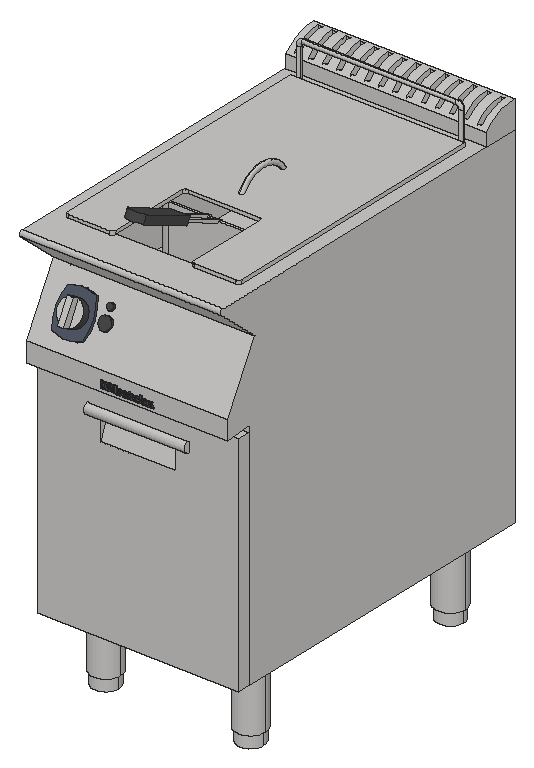
Revit family "QF_ELECTROLUXPROFESSIONAL_371424_E7KKBTBAMCI", category Attrezzature speciali, Revit 2018
Family settings
  Quota connettore circolare = Usa diametro
  Tipo di parte = Normale
  Basato su piano di lavoro = No
  Sempre verticale = Sì
  Taglio con vuoti quando caricato = No
  Condiviso = No
  Punto di calcolo locali = No
Parameters (values of type "Standard")
  Weight = 40.00 kg
  Watts = 0 W
  Volts = 0 V
  URL Manufacturer = "https://www.electroluxprofessional.com/"
  URL = "https://www.electroluxprofessional.com/"
  Steam Supply Size = 0"
  Steam Supply Minimum Pressure = 0.00 psi
  Steam Supply Maximum Pressure = 0.00 psi
  Steam Consumption per Hour = 0
  Show Logo [instance] = yes
  Show Clearance [instance] = yes
  Refrigeration Suction Line Size = 0 mm
  Refrigeration Liquid Line Size = 0 mm
  Refrigerant Compressor Remote = yes
  Phase = 0
  Modello = "E7KKBTBAMCI"
  Produttore = "Electrolux Professional"
  Length Actual = 400 mm  # constant formula
  Item Number = "371424"
  Hot Water Size = 0"
  Height Actual = 850 mm  # constant formula
  HP = "0 HP"
  Gas Size = 1/2"
  Gas KW = 7
  Gas Input Pressure = 0.234579 Btu/h
  Direct Waste Size = 0"
  Descrizione = "7 LITRE GAS FRYER 400MM - QMARK"
  Depth Actual = 730 mm  # constant formula
  Cycle = 0 Hz
  Condensate Return Size = 0"
  Compressed Air Volume = 0 GPM
  Compressed Air Size = 0"
  Compressed Air Pressure = 0.00 psi
  Cold Water Size = 0"
  Base Height [instance] = 150 mm  # constant formula
  Accessory = yes
Values of the unnamed type that differ from the named types
  Weight = 0.00 kg
  URL Manufacturer = ""
  Item Number = ""
  HP = ""
  Gas KW = 0
  Gas Input Pressure = 0.0 Btu/h
Reference planes
  plane 1 "BACK": y = 0
  plane 2: z = 0
  plane 3 "LEFT": x = 0
  plane 4 "RIGHT": x = 400
  plane 5 "FRONT": y = -730
  plane 6 "TOP": z = 905.238
  plane 7 "Center Y": x = 200
  plane 8 "Center X": y = -365
  plane 9 "BASE": z = 601
  plane 10 "TOP A": z = 850.238
  plane 11: y = -587.387
  plane 12: y = -90
  plane 13: z = 150
Forms (mm)
  Extrusion 1, solid, material "QF_Finishes_Stainless Steel"
    sketch origin (0, 0, 0) x (0, 1, 0) y (0, 0, 1)
      loop
        line (0, 850.237) -> (-725.027, 850.237)
        arc (-725.027, 850.237) -> (-730.893, 846.318) -> (-729.517, 839.397) r 6.35
        line (-729.517, 839.397) -> (-646.919, 767.047) -> (-713.522, 646.19) -> (-713.522, 608.09) -> (-660.15, 613.7) -> (-660.15, 150) -> (0, 150) -> (0, 850.237)
      loop
        line (-687.137, 601) -> (-687.137, 150) -> (-661.737, 150) -> (-661.737, 601) -> (-687.137, 601)
    from 0 to 400
  Extrusion 2, solid, material "QF_Finishes_Stainless Steel"
    sketch origin (0, 0, 0) x (0, 1, 0) y (0, 0, 1)
      loop
        line (0, 850.238) -> (0, 905.237)
        arc (0, 905.237) -> (-38.078, 897.879) -> (-69.85, 875.637) r 93.057
        line (-69.85, 875.637) -> (-69.85, 850.238) -> (0, 850.238)
    from 0 to 400
  Extrusion 3, void
    sketch origin (0, 0, 850.238) x (-1, 0, 0) y (0, -1, 0)
      loop
        line (-33.338, 90.124) -> (-33.338, 645.265) -> (-366.662, 645.265) -> (-366.662, 90.124) -> (-33.338, 90.124)
    from 0 to -152.4
  Extrusion 4, solid, material "QF_Finishes_Stainless Steel"
    sketch origin (0, 0, 850.238) x (-1, 0, 0) y (0, -1, 0)
      loop
        arc (-26.988, 645.265) -> (-28.847, 649.755) -> (-33.338, 651.615) r 6.35
        line (-33.338, 651.615) -> (-115.863, 651.615)
        arc (-115.863, 651.615) -> (-120.353, 649.755) -> (-122.213, 645.265) r 6.35
        line (-122.213, 645.265) -> (-122.213, 481.012)
        arc (-122.213, 481.012) -> (-124.072, 476.521) -> (-128.563, 474.662) r 6.35
        line (-128.563, 474.662) -> (-271.437, 474.662)
        arc (-271.437, 474.662) -> (-275.928, 476.521) -> (-277.787, 481.012) r 6.35
        line (-277.787, 481.012) -> (-277.787, 645.29)
        arc (-277.787, 645.29) -> (-279.64, 649.762) -> (-284.112, 651.615) r 6.325
        line (-284.112, 651.615) -> (-366.662, 651.615)
        arc (-366.662, 651.615) -> (-371.153, 649.755) -> (-373.013, 645.265) r 6.35
        line (-373.013, 645.265) -> (-373.013, 90.124) -> (-26.988, 90.124) -> (-26.988, 645.265)
    from 0 to 6.35
  Sweep 5, solid, material "QF_Finishes_Stainless Steel"
    path origin (200, 0, 0) x (0, 1, 0) y (0, 0, 1)
      loop
        arc (-323.261, 850.238) -> (-377.7, 884.016) -> (-432.139, 850.238) r 60.757
    profile origin (200, -377.7, 884.016) x (0, 0, -1) y (1, 0, 0)
      loop
        circle (0, 0) r 4.353
  Sweep 6, solid, material "QF_Finishes_Stainless Steel"
    path origin (0, 0, 0) x (1, 0, 0) y (0, 0, 1)
      loop
        line (39.688, 846.5) -> (39.688, 911.588)
        arc (39.688, 911.588) -> (41.547, 916.078) -> (46.038, 917.938) r 6.35
        line (46.038, 917.938) -> (352.225, 917.938)
        arc (352.225, 917.938) -> (356.715, 916.078) -> (358.575, 911.588) r 6.35
        line (358.575, 911.588) -> (358.575, 846.5)
    profile origin (39.688, 0, 879.044) x (-1, 0, 0) y (0, -1, 0)
      loop
        circle (2.09, 83.254) r 3.827
  Extrusion 7, void
    sketch origin (0, 0, 850.238) x (-1, 0, 0) y (0, -1, 0)
      loop
        line (-13.453, 6.761) -> (-13.453, 63.911) -> (-22.749, 63.911) -> (-22.749, 6.761) -> (-13.453, 6.761)
    from 25.4 to 63.5
  Extrusion 8, void
    sketch origin (400.05, 0, 850.237) x (1, 0, 0) y (0, 1, 0)
      loop
        line (-13.503, -6.761) -> (-22.799, -6.761) -> (-22.799, -63.911) -> (-13.503, -63.911) -> (-13.503, -6.761)
    from 25.4 to 63.5
  Extrusion 9, void
    sketch origin (27.988, 0, 850.238) x (-1, 0, 0) y (0, -1, 0)
      loop
        line (-13.453, 6.761) -> (-13.453, 63.911) -> (-22.749, 63.911) -> (-22.749, 6.761) -> (-13.453, 6.761)
    from 25.4 to 63.5
  Extrusion 10, void
    sketch origin (55.977, 0, 850.238) x (-1, 0, 0) y (0, -1, 0)
      loop
        line (-13.453, 6.761) -> (-13.453, 63.911) -> (-22.749, 63.911) -> (-22.749, 6.761) -> (-13.453, 6.761)
    from 25.4 to 63.5
  Extrusion 11, void
    sketch origin (83.965, 0, 850.238) x (-1, 0, 0) y (0, -1, 0)
      loop
        line (-13.428, 6.761) -> (-13.428, 63.911) -> (-22.724, 63.911) -> (-22.724, 6.761) -> (-13.428, 6.761)
    from 25.4 to 63.5
  Extrusion 12, void
    sketch origin (111.953, 0, 850.237) x (-1, 0, 0) y (0, -1, 0)
      loop
        line (-13.428, 6.761) -> (-13.428, 63.911) -> (-22.724, 63.911) -> (-22.724, 6.761) -> (-13.428, 6.761)
    from 25.4 to 63.5
  Extrusion 13, void
    sketch origin (139.942, 0, 850.237) x (-1, 0, 0) y (0, -1, 0)
      loop
        line (-13.428, 6.761) -> (-13.428, 63.911) -> (-22.724, 63.911) -> (-22.724, 6.761) -> (-13.428, 6.761)
    from 25.4 to 63.5
  Extrusion 14, void
    sketch origin (167.93, 0, 850.237) x (-1, 0, 0) y (0, -1, 0)
      loop
        line (-13.428, 6.761) -> (-13.428, 63.911) -> (-22.724, 63.911) -> (-22.724, 6.761) -> (-13.428, 6.761)
    from 25.4 to 63.5
  Extrusion 15, void
    sketch origin (195.918, 0, 850.237) x (-1, 0, 0) y (0, -1, 0)
      loop
        line (-13.428, 6.761) -> (-13.428, 63.911) -> (-22.724, 63.911) -> (-22.724, 6.761) -> (-13.428, 6.761)
    from 25.4 to 63.5
  Extrusion 16, void
    sketch origin (223.907, 0, 850.237) x (-1, 0, 0) y (0, -1, 0)
      loop
        line (-13.428, 6.761) -> (-13.428, 63.911) -> (-22.724, 63.911) -> (-22.724, 6.761) -> (-13.428, 6.761)
    from 25.4 to 63.5
  Extrusion 17, void
    sketch origin (251.895, 0, 850.237) x (-1, 0, 0) y (0, -1, 0)
      loop
        line (-13.428, 6.761) -> (-13.428, 63.911) -> (-22.724, 63.911) -> (-22.724, 6.761) -> (-13.428, 6.761)
    from 25.4 to 63.5
  Extrusion 18, void
    sketch origin (279.884, 0, 850.237) x (-1, 0, 0) y (0, -1, 0)
      loop
        line (-13.403, 6.761) -> (-13.403, 63.911) -> (-22.699, 63.911) -> (-22.699, 6.761) -> (-13.403, 6.761)
    from 25.4 to 63.5
  Extrusion 19, void
    sketch origin (307.872, 0, 850.237) x (-1, 0, 0) y (0, -1, 0)
      loop
        line (-13.403, 6.761) -> (-13.403, 63.911) -> (-22.699, 63.911) -> (-22.699, 6.761) -> (-13.403, 6.761)
    from 25.4 to 63.5
  Extrusion 20, void
    sketch origin (335.86, 0, 850.237) x (-1, 0, 0) y (0, -1, 0)
      loop
        line (-13.403, 6.761) -> (-13.403, 63.911) -> (-22.699, 63.911) -> (-22.699, 6.761) -> (-13.403, 6.761)
    from 25.4 to 63.5
  Extrusion 21, solid, material "QF_Finishes_Navy Blue"
    sketch origin (-90.325, -713.522, 646.19) x (0, 0.482654, 0.875811) y (-1, 0, 0)
      loop
        arc (105.826, -132.614) -> (68.798, -123.683) -> (31.333, -130.552) r 91.794
        arc (31.333, -130.552) -> (24.218, -161.14) -> (31.333, -191.729) r 69.309
        arc (31.333, -191.729) -> (68.788, -198.45) -> (105.826, -189.715) r 93.659
        arc (105.826, -189.715) -> (112.066, -161.165) -> (105.826, -132.614) r 68.434
    from 0 to 3.175
  Extrusion 22, solid, material "QF_Finishes_Stainless Steel"
    sketch origin (-90.325, -716.303, 647.723) x (0, 0.482654, 0.875811) y (-1, 0, 0)
      loop
        circle (68.826, -160.963) r 25.4
    from 0 to 12.7
  Extrusion 23, solid, material "QF_Finishes_Stainless Steel"
    sketch origin (-90.325, -727.425, 653.853) x (0, 0.482654, 0.875811) y (-1, 0, 0)
      loop
        arc (93.558, -166.749) -> (94.226, -160.963) -> (93.558, -155.177) r 25.4
        line (93.558, -155.177) -> (44.094, -155.177)
        arc (44.094, -155.177) -> (43.426, -160.963) -> (44.094, -166.749) r 25.4
        line (44.094, -166.749) -> (93.558, -166.749)
    from 0 to 12.7
  Extrusion 24, solid, material "QF_Finishes_Black"
    sketch origin (-30.673, -713.522, 646.19) x (0, 0.482654, 0.875811) y (-1, 0, 0)
      loop
        circle (98.315, -160.648) r 6.35
    from 0 to 3.175
  Extrusion 25, solid, material "QF_Finishes_Black"
    sketch origin (-30.673, -720.158, 634.148) x (0, 0.482654, 0.875811) y (-1, 0, 0)
      loop
        circle (84.522, -160.648) r 12.7
    from 0 to 3.175
  Extrusion 26, solid, material "QF_Finishes_Clearance", visible <- "Show Clearance", detail levels coarse
    sketch origin (0, 0, 0) x (1, 0, 0) y (0, 1, 0)
      loop
        line (0, -731.377) -> (0, 0) -> (400, 0) -> (400, -731.377) -> (550.019, -731.377) -> (550.019, 150.019) -> (-150.019, 150.019) -> (-150.019, -731.377) -> (0, -731.377)
    from 0 to 905.237
  Extrusion 27, solid, material "QF_Finishes_Black"
    sketch origin (265.962, -698.333, 942.26) x (0, 0.906308, -0.422618) y (-1, 0, 0)
      loop
        line (10.103, 47.345) -> (128.716, 47.345) -> (128.716, 84.58) -> (10.103, 84.58)
        arc (10.103, 84.58) -> (-0.124, 65.962) -> (10.103, 47.345) r 22.059
    from -15.884 to 0
  Extrusion 28, solid, material "QF_Finishes_Stainless Steel"
    sketch origin (265.962, 41.275, 0) x (0, 1, 0) y (0, 0, 1)
      loop
        line (-537.413, 741.238) -> (-537.413, 842.715) -> (-624.966, 883.542) -> (-627.65, 877.787) -> (-543.763, 838.67) -> (-543.763, 741.238) -> (-537.413, 741.238)
    from -80.476 to -74.619
  Extrusion 29, solid, material "QF_Finishes_Stainless Steel"
    sketch origin (134.088, 41.275, 0) x (0, 1, 0) y (0, 0, -1)
      loop
        line (-543.763, -838.67) -> (-627.65, -877.787) -> (-624.966, -883.542) -> (-537.413, -842.715) -> (-537.413, -741.238) -> (-543.763, -741.238) -> (-543.763, -838.67)
    from -80.476 to -74.619
  Extrusion 30, solid, material "QF_Finishes_Mesh"
    sketch origin (0, 0, 850.238) x (-1, 0, 0) y (0, -1, 0)
      loop
        arc (-116.6, 131.498) -> (-98.64, 138.937) -> (-91.2, 156.898) r 25.4
        line (-91.2, 156.898) -> (-91.2, 481.11)
        arc (-91.2, 481.11) -> (-98.64, 499.071) -> (-116.6, 506.51) r 25.4
        line (-116.6, 506.51) -> (-294.375, 506.51)
        arc (-294.375, 506.51) -> (-312.336, 499.071) -> (-319.775, 481.11) r 25.4
        line (-319.775, 481.11) -> (-319.775, 156.898)
        arc (-319.775, 156.898) -> (-312.336, 138.937) -> (-294.375, 131.498) r 25.4
        line (-294.375, 131.498) -> (-116.6, 131.498)
      loop
        arc (-116.6, 134.673) -> (-100.885, 141.182) -> (-94.375, 156.898) r 22.225
        line (-94.375, 156.898) -> (-94.375, 481.11)
        arc (-94.375, 481.11) -> (-100.885, 496.826) -> (-116.6, 503.335) r 22.225
        line (-116.6, 503.335) -> (-294.375, 503.335)
        arc (-294.375, 503.335) -> (-310.091, 496.826) -> (-316.6, 481.11) r 22.225
        line (-316.6, 481.11) -> (-316.6, 156.898)
        arc (-316.6, 156.898) -> (-310.091, 141.182) -> (-294.375, 134.673) r 22.225
        line (-294.375, 134.673) -> (-116.6, 134.673)
    from -109 to -5.315
  Revolve 31, solid, material "QF_Finishes_Stainless Steel"
    sketch origin (0, -587.387, 608.09) x (0, 0, 1) y (-1, 0, 0)
      loop
        line (-608.09, -56) -> (-458.09, -56) -> (-458.09, -26) -> (-583.09, -26) -> (-583.09, -29.75) -> (-608.09, -29.75) -> (-608.09, -56)
      axis (-608.09, -56) -> (-458.09, -56)
    angle from 0 to 360
  Revolve 32, solid, material "QF_Finishes_Stainless Steel"
    sketch origin (400.05, -587.387, 608.09) x (0, 0, 1) y (-1, 0, 0)
      loop
        line (-608.09, 56.05) -> (-608.09, 29.8) -> (-583.09, 29.8) -> (-583.09, 26.05) -> (-458.09, 26.05) -> (-458.09, 56.05) -> (-608.09, 56.05)
      axis (-608.09, 56.05) -> (-458.09, 56.05)
    angle from 0 to 360
  Revolve 33, solid, material "QF_Finishes_Stainless Steel"
    sketch origin (0, -90, 608.09) x (0, 0, 1) y (-1, 0, 0)
      loop
        line (-608.09, -56) -> (-458.09, -56) -> (-458.09, -26) -> (-583.09, -26) -> (-583.09, -29.75) -> (-608.09, -29.75) -> (-608.09, -56)
      axis (-608.09, -56) -> (-458.09, -56)
    angle from 0 to 360
  Revolve 34, solid, material "QF_Finishes_Stainless Steel"
    sketch origin (400.05, -90, 608.09) x (0, 0, 1) y (-1, 0, 0)
      loop
        line (-608.09, 56.05) -> (-608.09, 29.8) -> (-583.09, 29.8) -> (-583.09, 26.05) -> (-458.09, 26.05) -> (-458.09, 56.05) -> (-608.09, 56.05)
      axis (-608.09, 56.05) -> (-458.09, 56.05)
    angle from 0 to 360
  Extrusion 35, void
    sketch origin (200, 0, 0) x (0, 1, 0) y (0, 0, 1)
      loop
        line (-687.137, 541) -> (-687.137, 499.788) -> (-672.137, 541) -> (-687.137, 541)
    from -75 to 75
  Extrusion 36, solid, material "QF_Finishes_Stainless Steel"
    sketch origin (200, 0, 0) x (0, 1, 0) y (0, 0, 1)
      loop
        line (-687.137, 541) -> (-687.137, 561)
        arc (-687.137, 561) -> (-697.137, 551) -> (-687.137, 541) r 10
    from -100 to 100
  Extrusion 37, solid, material "QF_Finishes_Door Clearance", visible <- "Show Clearance", detail levels coarse
    sketch origin (0, 0, 850.238) x (-1, 0, 0) y (0, -1, 0)
      loop
        arc (0, 687.137) -> (-117.157, 969.98) -> (-400, 1087.137) r 400
        line (-400, 1087.137) -> (-400, 687.137) -> (0, 687.137)
    from -700.237 to -249.237
  Extrusion 38, solid, material "QF_Finishes_Stainless Steel"
    sketch origin (-77.88, -4572, 150) x (-1, 0, 0) y (0, -1, 0)
      loop
        circle (-425.88, -4067) r 6.35
    from 0 to -12.7
  Extrusion 39, solid, material "QF_Finishes_Navy Blue", visible <- "Show Logo"
    sketch origin (-140, -713.772, 608.09) x (0, 0, 1) y (-1, 0, 0)
      loop
        line (20.674, -296.698) -> (8.307, -296.698)
        arc (8.307, -296.698) -> (14.491, -301.27) -> (20.674, -296.698) r 6.467
      loop
        arc (20.674, -296.069) -> (19.505, -290.926) -> (14.849, -288.448) r 6.338
        line (14.849, -288.448) -> (14.849, -290.494)
        arc (14.849, -290.494) -> (16.333, -294.149) -> (19.778, -296.069) r 5.941
        line (19.778, -296.069) -> (20.674, -296.069)
      loop
        arc (9.203, -296.069) -> (12.648, -294.149) -> (14.132, -290.494) r 5.941
        line (14.132, -290.494) -> (14.132, -288.448)
        arc (14.132, -288.448) -> (9.438, -290.922) -> (8.148, -296.069) r 6.504
        line (8.148, -296.069) -> (9.203, -296.069)
      loop
        line (21.349, -287.979) -> (7.604, -287.979) -> (7.604, -301.742) -> (21.349, -301.742) -> (21.349, -287.979)
      loop
        arc (21.432, -304.71) -> (21.085, -304.352) -> (20.718, -304.69) r 0.358
        arc (20.718, -304.69) -> (20.404, -305.44) -> (19.687, -305.825) r 1.216
        line (19.687, -305.825) -> (9.274, -305.825)
        arc (9.274, -305.825) -> (8.614, -305.548) -> (8.218, -304.951) r 1.238
        arc (8.218, -304.951) -> (7.823, -304.7) -> (7.518, -305.054) r 0.358
        line (7.518, -305.054) -> (7.518, -314.933) -> (10.269, -314.933) -> (10.269, -314.036)
        arc (10.269, -314.036) -> (9.36, -313.456) -> (8.904, -312.479) r 1.928
        line (8.904, -312.479) -> (8.904, -309.98)
        arc (8.904, -309.98) -> (9.18, -309.251) -> (9.868, -308.887) r 1.101
        line (9.868, -308.887) -> (13.955, -308.887) -> (13.955, -312.561)
        arc (13.955, -312.561) -> (13.602, -313.058) -> (13.037, -313.286) r 1.083
        arc (13.037, -313.286) -> (12.773, -313.591) -> (13.065, -313.869) r 0.292
        line (13.065, -313.869) -> (16.028, -313.869)
        arc (16.028, -313.869) -> (16.33, -313.596) -> (16.092, -313.266) r 0.305
        arc (16.092, -313.266) -> (15.601, -313.018) -> (15.296, -312.561) r 1.083
        line (15.296, -312.561) -> (15.296, -308.887) -> (19.973, -308.887) -> (19.973, -312.635)
        arc (19.973, -312.635) -> (19.759, -313.39) -> (19.153, -313.888) r 1.314
        arc (19.153, -313.888) -> (18.934, -314.292) -> (19.288, -314.585) r 0.361
        line (19.288, -314.585) -> (21.432, -314.585) -> (21.432, -304.71)
      loop
        arc (20.715, -315.365) -> (20.335, -316.284) -> (19.416, -316.664) r 1.299
        line (19.416, -316.664) -> (9.837, -316.664)
        arc (9.837, -316.664) -> (8.999, -316.286) -> (8.728, -315.408) r 1.118
        line (8.728, -315.408) -> (7.518, -315.408) -> (7.518, -320.758) -> (8.706, -320.758)
        arc (8.706, -320.758) -> (8.978, -319.841) -> (9.848, -319.445) r 1.153
        line (9.848, -319.445) -> (21.92, -319.445) -> (20.715, -315.365)
      loop
        line (12.483, -323.394) -> (12.483, -329.842) -> (13.282, -329.842)
        arc (13.282, -329.842) -> (15.862, -328.857) -> (17.131, -326.404) r 3.874
        line (17.131, -326.404) -> (17.131, -324.643)
        arc (17.131, -324.643) -> (15.944, -321.778) -> (13.08, -320.592) r 4.051
        line (13.08, -320.592) -> (11.072, -320.592)
        arc (11.072, -320.592) -> (8.253, -322.077) -> (7.202, -325.084) r 4.352
        arc (7.202, -325.084) -> (7.566, -327.547) -> (8.943, -329.621) r 5.713
        line (8.943, -329.621) -> (9.892, -329.621)
        arc (9.892, -329.621) -> (9.16, -328.052) -> (8.943, -326.334) r 5.579
        arc (8.943, -326.334) -> (9.737, -324.371) -> (11.616, -323.394) r 3.057
        line (11.616, -323.394) -> (12.483, -323.394)
      loop
        line (13.742, -323.394) -> (13.742, -326.977)
        arc (13.742, -326.977) -> (15.199, -327.024) -> (16.082, -325.864) r 1.59
        line (16.082, -325.864) -> (16.082, -325.034)
        arc (16.082, -325.034) -> (15.217, -323.779) -> (13.742, -323.394) r 2.184
      loop
        arc (16.533, -339.259) -> (17.022, -337.585) -> (17.179, -335.848) r 9.023
        line (17.179, -335.848) -> (17.179, -334.486)
        arc (17.179, -334.486) -> (16.02, -331.686) -> (13.22, -330.527) r 3.959
        line (13.22, -330.527) -> (10.62, -330.527)
        arc (10.62, -330.527) -> (8.338, -331.819) -> (7.221, -334.192) r 4.331
        line (7.221, -334.192) -> (7.221, -336.327)
        arc (7.221, -336.327) -> (7.729, -337.877) -> (8.651, -339.223) r 5.772
        arc (8.651, -339.223) -> (9.412, -339.274) -> (9.499, -338.515) r 0.553
        arc (9.499, -338.515) -> (9.111, -337.781) -> (8.977, -336.962) r 2.573
        line (8.977, -336.962) -> (8.977, -335.447)
        arc (8.977, -335.447) -> (9.983, -333.806) -> (11.798, -333.163) r 2.884
        line (11.798, -333.163) -> (13.077, -333.163)
        arc (13.077, -333.163) -> (14.898, -333.723) -> (15.824, -335.388) r 2.554
        line (15.824, -335.388) -> (15.824, -336.441)
        arc (15.824, -336.441) -> (15.493, -337.369) -> (14.836, -338.104) r 2.564
        arc (14.836, -338.104) -> (14.614, -338.821) -> (15.223, -339.259) r 0.643
        line (15.223, -339.259) -> (16.533, -339.259)
      loop
        line (15.515, -339.53) -> (15.515, -341.031) -> (9.467, -341.031)
        arc (9.467, -341.031) -> (7.879, -341.688) -> (7.221, -343.276) r 2.246
        line (7.221, -343.276) -> (7.221, -344.86)
        arc (7.221, -344.86) -> (7.535, -345.725) -> (8.035, -346.496) r 4.06
        arc (8.035, -346.496) -> (8.768, -346.629) -> (9.019, -345.928) r 0.576
        arc (9.019, -345.928) -> (8.913, -345.403) -> (8.977, -344.87) r 1.69
        arc (8.977, -344.87) -> (9.519, -344.082) -> (10.425, -343.779) r 1.506
        line (10.425, -343.779) -> (15.563, -343.779) -> (15.563, -346.176) -> (16.119, -346.733) -> (16.941, -346.733) -> (16.941, -343.873) -> (20.172, -343.873) -> (15.515, -339.53)
      loop
        line (7.438, -347.63) -> (7.438, -353.017) -> (8.548, -353.017)
        arc (8.548, -353.017) -> (8.942, -352.066) -> (9.893, -351.672) r 1.345
        line (9.893, -351.672) -> (13.509, -351.672)
        arc (13.509, -351.672) -> (14.274, -352.264) -> (14.564, -353.186) r 1.615
        line (14.564, -353.186) -> (14.564, -354.742) -> (17.119, -355.427) -> (17.119, -354.044) -> (15.177, -351.485) -> (17.057, -351.485) -> (16.773, -348.779)
        arc (16.773, -348.779) -> (16.333, -348.249) -> (15.674, -348.45) r 0.621
        arc (15.674, -348.45) -> (15.274, -348.792) -> (14.78, -348.975) r 1.501
        line (14.78, -348.975) -> (9.893, -348.975)
        arc (9.893, -348.975) -> (8.942, -348.581) -> (8.548, -347.63) r 1.345
        line (8.548, -347.63) -> (7.438, -347.63)
      loop
        line (13.54, -354.964) -> (10.848, -354.964)
        arc (10.848, -354.964) -> (8.403, -356.272) -> (7.269, -358.803) r 4.288
        arc (7.269, -358.803) -> (7.205, -360.183) -> (7.269, -361.563) r 15.022
        arc (7.269, -361.563) -> (8.403, -364.094) -> (10.848, -365.401) r 4.288
        line (10.848, -365.401) -> (13.54, -365.401)
        arc (13.54, -365.401) -> (15.986, -364.094) -> (17.119, -361.563) r 4.288
        arc (17.119, -361.563) -> (17.183, -360.183) -> (17.119, -358.803) r 15.022
        arc (17.119, -358.803) -> (15.986, -356.272) -> (13.54, -354.964) r 4.288
      loop
        line (13.745, -358.078) -> (10.643, -358.078)
        arc (10.643, -358.078) -> (8.486, -360.235) -> (10.643, -362.392) r 2.157
        line (10.643, -362.392) -> (13.745, -362.392)
        arc (13.745, -362.392) -> (15.902, -360.235) -> (13.745, -358.078) r 2.157
      loop
        arc (20.726, -365.26) -> (20.355, -366.154) -> (19.461, -366.524) r 1.264
        line (19.461, -366.524) -> (9.597, -366.524)
        arc (9.597, -366.524) -> (8.727, -366.127) -> (8.455, -365.211) r 1.153
        line (8.455, -365.211) -> (7.518, -365.211) -> (7.518, -370.319) -> (8.446, -370.319)
        arc (8.446, -370.319) -> (8.805, -369.547) -> (9.597, -369.232) r 1.153
        line (9.597, -369.232) -> (21.92, -369.232) -> (20.726, -365.26)
      loop
        arc (15.846, -369.857) -> (15.647, -370.921) -> (14.678, -371.403) r 1.215
        line (14.678, -371.403) -> (9.658, -371.403)
        arc (9.658, -371.403) -> (8.043, -372.051) -> (7.322, -373.634) r 2.338
        line (7.322, -373.634) -> (7.322, -375.148)
        arc (7.322, -375.148) -> (7.497, -376.152) -> (7.999, -377.038) r 2.979
        line (7.999, -377.038) -> (7.518, -378.835) -> (7.518, -380.524) -> (16.943, -380.524) -> (16.649, -376.32) -> (15.863, -376.32)
        arc (15.863, -376.32) -> (15.507, -377.156) -> (14.755, -377.665) r 1.605
        line (14.755, -377.665) -> (9.652, -377.665)
        arc (9.652, -377.665) -> (9.232, -376.728) -> (9.159, -375.704) r 2.94
        arc (9.159, -375.704) -> (9.72, -374.603) -> (10.873, -374.16) r 1.724
        line (10.873, -374.16) -> (17.07, -374.16) -> (15.846, -369.857)
      loop
        line (16.874, -381.377) -> (15.202, -383.423) -> (12.028, -385.729) -> (8.572, -382.617)
        arc (8.572, -382.617) -> (8.335, -382.223) -> (8.357, -381.764) r 0.789
        line (8.357, -381.764) -> (7.518, -381.764) -> (7.518, -385.309) -> (8.344, -385.309)
        arc (8.344, -385.309) -> (8.686, -384.947) -> (9.176, -385.039) r 0.52
        line (9.176, -385.039) -> (10.976, -386.51) -> (8.858, -387.886)
        arc (8.858, -387.886) -> (8.457, -387.576) -> (8.37, -387.076) r 0.7
        line (8.37, -387.076) -> (7.518, -387.076) -> (7.518, -393.003) -> (8.405, -393.003)
        arc (8.405, -393.003) -> (8.472, -392.344) -> (8.866, -391.813) r 1.247
        line (8.866, -391.813) -> (13.066, -388.532) -> (15.513, -390.585) -> (16.874, -392.327) -> (16.874, -388.604) -> (15.389, -389.026) -> (13.868, -387.749) -> (15.568, -386.559) -> (16.874, -387.336) -> (16.874, -381.377)
    from 0 to 1.644
Cuts and joins
  Extrusion 3, Extrusion 7, Extrusion 35 cuts Extrusion 1
  joined: Extrusion 4, Sweep 5
  Extrusion 7, Extrusion 8, Extrusion 9, Extrusion 10, Extrusion 11, Extrusion 12, Extrusion 13, Extrusion 14, Extrusion 15, Extrusion 16, Extrusion 17, Extrusion 18, Extrusion 19, Extrusion 20 cuts Extrusion 2
  joined: Extrusion 22, Extrusion 23
  Extrusion 35 cuts Extrusion 26
Lines and regions (mm)
  symbolic lines, style "QF-Clearances", visible <- "Show Clearance", detail levels coarse
    curve 1: line (-150.019, 150.019, 850.238) -> (-150.019, -731.377, 850.238)
    curve 2: line (550.019, 150.019, 850.237) -> (-150.019, 150.019, 850.238)
    curve 3: line (550.019, -731.377, 850.237) -> (550.019, 150.019, 850.237)
  symbolic lines
    curve 4: line (0, 0, 850.238) -> (400, 0, 850.237)
    curve 5: line (0, -730, 850.238) -> (0, 0, 850.238)
    curve 6: line (400, 0, 850.237) -> (400, -730, 850.237)
    curve 7: line (22.724, -6.761, 850.238) -> (22.724, -63.911, 850.238)
    curve 8: line (22.724, -63.911, 850.238) -> (13.428, -63.911, 850.238)
    curve 9: line (13.428, -63.911, 850.238) -> (13.428, -6.761, 850.238)
    curve 10: line (13.428, -6.761, 850.238) -> (22.724, -6.761, 850.238)
    curve 11: line (386.547, -6.761, 850.237) -> (386.547, -63.911, 850.237)
    curve 12: line (386.547, -63.911, 850.237) -> (377.251, -63.911, 850.237)
    curve 13: line (377.251, -63.911, 850.237) -> (377.251, -6.761, 850.237)
    curve 14: line (377.251, -6.761, 850.237) -> (386.547, -6.761, 850.237)
    curve 15: line (50.712, -6.761, 850.238) -> (50.712, -63.911, 850.238)
    curve 16: line (50.712, -63.911, 850.238) -> (41.416, -63.911, 850.238)
    curve 17: line (41.416, -63.911, 850.238) -> (41.416, -6.761, 850.238)
    curve 18: line (41.416, -6.761, 850.238) -> (50.712, -6.761, 850.238)
    curve 19: line (78.7, -6.761, 850.238) -> (78.7, -63.911, 850.238)
    curve 20: line (78.7, -63.911, 850.238) -> (69.405, -63.911, 850.238)
    curve 21: line (69.405, -63.911, 850.238) -> (69.405, -6.761, 850.238)
    curve 22: line (69.405, -6.761, 850.238) -> (78.7, -6.761, 850.238)
    curve 23: line (106.689, -6.761, 850.237) -> (106.689, -63.911, 850.237)
    curve 24: line (106.689, -63.911, 850.237) -> (97.393, -63.911, 850.238)
    curve 25: line (97.393, -63.911, 850.238) -> (97.393, -6.761, 850.238)
    curve 26: line (97.393, -6.761, 850.238) -> (106.689, -6.761, 850.237)
    curve 27: line (134.677, -6.761, 850.237) -> (134.677, -63.911, 850.237)
    curve 28: line (134.677, -63.911, 850.237) -> (125.381, -63.911, 850.237)
    curve 29: line (125.381, -63.911, 850.237) -> (125.381, -6.761, 850.237)
    curve 30: line (125.381, -6.761, 850.237) -> (134.677, -6.761, 850.237)
    curve 31: line (162.665, -6.761, 850.237) -> (162.665, -63.911, 850.237)
    curve 32: line (162.665, -63.911, 850.237) -> (153.37, -63.911, 850.237)
    curve 33: line (153.37, -63.911, 850.237) -> (153.37, -6.761, 850.237)
    curve 34: line (153.37, -6.761, 850.237) -> (162.665, -6.761, 850.237)
    curve 35: line (190.654, -6.761, 850.237) -> (190.654, -63.911, 850.237)
    curve 36: line (190.654, -63.911, 850.237) -> (181.358, -63.911, 850.237)
    curve 37: line (181.358, -63.911, 850.237) -> (181.358, -6.761, 850.237)
    curve 38: line (181.358, -6.761, 850.237) -> (190.654, -6.761, 850.237)
    curve 39: line (218.642, -6.761, 850.237) -> (218.642, -63.911, 850.237)
    curve 40: line (218.642, -63.911, 850.237) -> (209.346, -63.911, 850.237)
    curve 41: line (209.346, -63.911, 850.237) -> (209.346, -6.761, 850.237)
    curve 42: line (209.346, -6.761, 850.237) -> (218.642, -6.761, 850.237)
    curve 43: line (246.605, -6.761, 850.237) -> (246.605, -63.911, 850.237)
    curve 44: line (246.605, -63.911, 850.237) -> (237.31, -63.911, 850.237)
    curve 45: line (237.31, -63.911, 850.237) -> (237.31, -6.761, 850.237)
    curve 46: line (237.31, -6.761, 850.237) -> (246.605, -6.761, 850.237)
    curve 47: line (274.594, -6.761, 850.237) -> (274.594, -63.911, 850.237)
    curve 48: line (274.594, -63.911, 850.237) -> (265.298, -63.911, 850.237)
    curve 49: line (265.298, -63.911, 850.237) -> (265.298, -6.761, 850.237)
    curve 50: line (265.298, -6.761, 850.237) -> (274.594, -6.761, 850.237)
    curve 51: line (302.582, -6.761, 850.237) -> (302.582, -63.911, 850.237)
    curve 52: line (302.582, -63.911, 850.237) -> (293.286, -63.911, 850.237)
    curve 53: line (293.286, -63.911, 850.237) -> (293.286, -6.761, 850.237)
    curve 54: line (293.286, -6.761, 850.237) -> (302.582, -6.761, 850.237)
    curve 55: line (330.57, -6.761, 850.237) -> (330.57, -63.911, 850.237)
    curve 56: line (330.57, -63.911, 850.237) -> (321.275, -63.911, 850.237)
    curve 57: line (321.275, -63.911, 850.237) -> (321.275, -6.761, 850.237)
    curve 58: line (321.275, -6.761, 850.237) -> (330.57, -6.761, 850.237)
    curve 59: line (358.559, -6.761, 850.237) -> (358.559, -63.911, 850.237)
    curve 60: line (358.559, -63.911, 850.237) -> (349.263, -63.911, 850.237)
    curve 61: line (349.263, -63.911, 850.237) -> (349.263, -6.761, 850.237)
    curve 62: line (349.263, -6.761, 850.237) -> (358.559, -6.761, 850.237)
    curve 63: line (26.988, -90.124, 850.238) -> (26.988, -645.265, 850.238)
    curve 64: arc (26.988, -645.265, 850.238) -> (28.847, -649.755, 850.238) -> (33.338, -651.615, 850.238) r 6.35
    curve 65: line (33.338, -651.615, 850.238) -> (115.863, -651.615, 850.237)
    curve 66: arc (115.863, -651.615, 850.237) -> (120.353, -649.755, 850.237) -> (122.213, -645.265, 850.237) r 6.35
    curve 67: line (122.213, -645.265, 850.237) -> (122.213, -481.012, 850.237)
    curve 68: arc (122.213, -481.012, 850.237) -> (124.072, -476.521, 850.237) -> (128.563, -474.662, 850.237) r 6.35
    curve 69: line (128.563, -474.662, 850.237) -> (271.412, -474.662, 850.237)
    curve 70: arc (271.412, -474.662, 850.237) -> (275.903, -476.521, 850.237) -> (277.762, -481.012, 850.237) r 6.35
    curve 71: line (277.763, -481.012, 850.237) -> (277.763, -645.265, 850.237)
    curve 72: arc (277.763, -645.265, 850.237) -> (279.622, -649.755, 850.237) -> (284.113, -651.615, 850.237) r 6.35
    curve 73: line (284.113, -651.615, 850.237) -> (366.663, -651.615, 850.237)
    curve 74: arc (366.663, -651.615, 850.237) -> (371.153, -649.755, 850.237) -> (373.013, -645.265, 850.237) r 6.35
    curve 75: line (373.013, -645.265, 850.237) -> (373.013, -90.124, 850.237)
    curve 76: line (373.013, -90.124, 850.237) -> (26.988, -90.124, 850.238)
    curve 77: line (31.725, -69.85, 850.238) -> (0, -69.85, 850.238)
    curve 78: line (0, -69.85, 850.238) -> (0, -63.012, 850.238)
    curve 79: line (0, -69.85, 850.238) -> (400, -69.85, 850.237)
    curve 80: line (201.587, -90.124, 850.237) -> (366.663, -90.124, 850.237)
    curve 81: line (33.313, -90.124, 850.238) -> (198.413, -90.124, 850.237)
    curve 82: line (218.617, -695.889, 850.237) -> (218.617, -581.677, 850.237)
    curve 83: line (181.383, -581.677, 850.237) -> (181.383, -695.889, 850.237)
    curve 84: line (218.617, -581.677, 850.237) -> (181.383, -581.677, 850.237)
    curve 85: spline (218.617, -695.889, 850.237) -> (216.385, -698.551, 850.237) -> (213.694, -700.839, 850.237) -> (210.621, -702.688, 850.237) -> (207.25, -704.047, 850.237) -> (203.676, -704.878, 850.237) -> (200, -705.158, 850.237) -> (196.324, -704.878, 850.237) -> (192.75, -704.047, 850.237) -> (189.379, -702.688, 850.237) -> (186.306, -700.839, 850.237) -> (183.615, -698.551, 850.237) -> (181.383, -695.889, 850.237)
    curve 86: line (218.617, -645.265, 850.237) -> (277.763, -645.265, 850.237)
    curve 87: line (181.383, -645.265, 850.237) -> (122.213, -645.265, 850.237)
    curve 88: line (191.318, -506.51, 850.237) -> (191.318, -581.677, 850.237)
    curve 89: line (185.462, -581.677, 850.237) -> (185.462, -506.51, 850.237)
    curve 90: line (214.538, -506.51, 850.237) -> (214.538, -581.677, 850.237)
    curve 91: line (208.682, -581.677, 850.237) -> (208.682, -506.51, 850.237)
    curve 92: spline (181.383, -689.176, 850.237) -> (183.615, -691.839, 850.237) -> (186.306, -694.126, 850.237) -> (189.379, -695.976, 850.237) -> (192.75, -697.335, 850.237) -> (196.324, -698.166, 850.237) -> (200, -698.445, 850.237) -> (203.676, -698.166, 850.237) -> (207.25, -697.335, 850.237) -> (210.621, -695.976, 850.237) -> (213.694, -694.126, 850.237) -> (216.385, -691.839, 850.237) -> (218.617, -689.176, 850.237)
    curve 93: line (195.545, -428.432, 850.237) -> (195.545, -326.969, 850.237)
    curve 94: line (204.443, -326.969, 850.237) -> (204.443, -428.432, 850.237)
    curve 95: arc (195.545, -428.432, 850.237) -> (199.994, -432.882, 850.237) -> (204.443, -428.432, 850.237) r 4.449
    curve 96: arc (195.545, -326.969, 850.237) -> (199.994, -322.52, 850.237) -> (204.443, -326.969, 850.237) r 4.449
    curve 97: line (400, -730, 850.237) -> (0, -730, 850.238)
    curve 98: line (37.573, -79.289, 850.238) -> (362.402, -79.289, 850.237)
    curve 99: line (37.573, -86.944, 850.238) -> (37.573, -79.289, 850.238)
    curve 100: line (362.402, -86.944, 850.237) -> (37.573, -86.944, 850.238)
    curve 101: line (362.402, -79.289, 850.237) -> (362.402, -86.944, 850.237)
    curve 102: line (122.213, -506.51, 850.237) -> (277.763, -506.51, 850.237)
    curve 103: line (122.213, -503.335, 850.237) -> (277.763, -503.335, 850.237)
  symbolic lines, style "QF-Door Swings"
    curve 104: arc (2.303, -730, 850.238) -> (19.743, -811.254, 850.238) -> (53.597, -887.15, 850.238) r 400
    curve 105: line (53.597, -887.15, 850.238) -> (325.76, -730, 850.237)
Dimensions and locks
  equal spacing: plane 3 "LEFT", plane 7 "Center Y", plane 4 "RIGHT"
  plane 3 "LEFT" to plane 4 "RIGHT" = 400 mm
  equal spacing: plane 5 "FRONT", plane 8 "Center X", plane 1 "BACK"
  plane 5 "FRONT" to plane 1 "BACK" = 730 mm
  plane 1 "BACK" to plane 5 "FRONT" = 730 mm
  locked: plane 10 "TOP A" to plane 9 "BASE" at 249.238
  locked: plane 6 "TOP" to plane 10 "TOP A" at 55
  "Base Height": plane 13 to level
  plane 10 "TOP A" to plane 13 = 700.237 mm
  aligned and locked: level to plane 2
  aligned and locked: plane 4 "RIGHT" to Extrusion 1
  aligned and locked: plane 4 "RIGHT" to Extrusion 2
  aligned and locked: plane 6 "TOP" to Extrusion 26
  aligned and locked: plane 10 "TOP A" to Extrusion 2 sketch curve
Automatic sketch dimensions
  Extrusion 2 sketch curve to plane 1 "BACK" = 0 mm
  Extrusion 2 sketch curve to plane 6 "TOP" = 0 mm
  plane 1 "BACK" to Extrusion 2 sketch curve = 1.769 mm
  plane 10 "TOP A" to Extrusion 2 sketch curve = 25.4 mm
  plane 1 "BACK" to Extrusion 2 sketch curve = 69.85 mm
  plane 12 to Extrusion 3 sketch curve = 0.124 mm
  Extrusion 3 sketch curve to plane 4 "RIGHT" = 33.337 mm
  plane 3 "LEFT" to Extrusion 3 sketch curve = 33.338 mm
  plane 11 to Extrusion 3 sketch curve = 57.877 mm
  plane 12 to Extrusion 4 sketch curve = 0.124 mm
  Extrusion 4 sketch curve to plane 4 "RIGHT" = 26.987 mm
  Extrusion 4 sketch curve to Extrusion 4 sketch curve = 6.35 mm  (x3)
  Extrusion 4 sketch curve to Extrusion 4 sketch curve = 82.55 mm
  plane 7 "Center Y" to Extrusion 4 sketch curve = 77.787 mm
  Extrusion 4 sketch curve to plane 7 "Center Y" = 71.437 mm
  Extrusion 4 sketch curve to plane 7 "Center Y" = 77.787 mm
  plane 3 "LEFT" to Extrusion 4 sketch curve = 33.338 mm
  plane 3 "LEFT" to Extrusion 4 sketch curve = 26.988 mm
  Extrusion 4 sketch curve to plane 8 "Center X" = 109.662 mm
  plane 11 to Extrusion 4 sketch curve = 57.877 mm  (x2)
  Sweep 5 sketch curve to plane 10 "TOP A" = 0 mm  (x2)
  Sweep 5 sketch curve to plane 8 "Center X" = 67.139 mm
  Sweep 5 sketch curve to plane 8 "Center X" = 12.7 mm
  Sweep 5 sketch curve to plane 10 "TOP A" = 26.978 mm
  Sweep 5 sketch curve to plane 7 "Center Y" = 0 mm
  Sweep 5 sketch curve to profile plane = 0 mm
  plane 6 "TOP" to Sweep 6 sketch curve = 6.35 mm  (x2)
  plane 3 "LEFT" to Sweep 6 sketch curve = 39.688 mm
  Sweep 6 sketch curve to Sweep 6 sketch curve = 6.35 mm
  Sweep 6 sketch curve to plane 4 "RIGHT" = 47.775 mm
  Sweep 6 sketch curve to plane 10 "TOP A" = 3.737 mm  (x2)
  Sweep 6 sketch curve to profile plane = 2.09 mm
  plane 1 "BACK" to Sweep 6 sketch curve = 83.254 mm
  plane 1 "BACK" to Extrusion 7 sketch curve = 6.761 mm
  plane 3 "LEFT" to Extrusion 7 sketch curve = 22.749 mm
  Extrusion 7 sketch curve to Extrusion 7 sketch curve = 9.296 mm
  Extrusion 7 sketch curve to Extrusion 7 sketch curve = 57.15 mm
  Extrusion 8 sketch curve to plane 1 "BACK" = 6.761 mm
  plane 4 "RIGHT" to Extrusion 8 sketch curve = 22.749 mm
  Extrusion 8 sketch curve to Extrusion 8 sketch curve = 9.296 mm
  Extrusion 8 sketch curve to Extrusion 8 sketch curve = 57.15 mm
  plane 1 "BACK" to Extrusion 9 sketch curve = 6.761 mm
  plane 3 "LEFT" to Extrusion 9 sketch curve = 50.737 mm
  Extrusion 9 sketch curve to Extrusion 9 sketch curve = 9.296 mm
  Extrusion 9 sketch curve to Extrusion 9 sketch curve = 57.15 mm
  plane 1 "BACK" to Extrusion 10 sketch curve = 6.761 mm
  plane 3 "LEFT" to Extrusion 10 sketch curve = 78.725 mm
  Extrusion 10 sketch curve to Extrusion 10 sketch curve = 9.296 mm
  Extrusion 10 sketch curve to Extrusion 10 sketch curve = 57.15 mm
  plane 1 "BACK" to Extrusion 11 sketch curve = 6.761 mm
  Extrusion 11 sketch curve to plane 7 "Center Y" = 93.311 mm
  Extrusion 11 sketch curve to Extrusion 11 sketch curve = 9.296 mm
  Extrusion 11 sketch curve to Extrusion 11 sketch curve = 57.15 mm
  plane 1 "BACK" to Extrusion 12 sketch curve = 6.761 mm
  Extrusion 12 sketch curve to plane 7 "Center Y" = 65.323 mm
  Extrusion 12 sketch curve to Extrusion 12 sketch curve = 9.296 mm
  Extrusion 12 sketch curve to Extrusion 12 sketch curve = 57.15 mm
  plane 1 "BACK" to Extrusion 13 sketch curve = 6.761 mm
  Extrusion 13 sketch curve to plane 7 "Center Y" = 37.335 mm
  Extrusion 13 sketch curve to Extrusion 13 sketch curve = 9.296 mm
  Extrusion 13 sketch curve to Extrusion 13 sketch curve = 57.15 mm
  Extrusion 14 sketch curve to plane 7 "Center Y" = 9.346 mm
  Extrusion 14 sketch curve to Extrusion 14 sketch curve = 9.296 mm
  plane 1 "BACK" to Extrusion 14 sketch curve = 6.761 mm
  Extrusion 14 sketch curve to Extrusion 14 sketch curve = 57.15 mm
  plane 1 "BACK" to Extrusion 15 sketch curve = 6.761 mm
  plane 7 "Center Y" to Extrusion 15 sketch curve = 18.642 mm
  Extrusion 15 sketch curve to Extrusion 15 sketch curve = 9.296 mm
  Extrusion 15 sketch curve to Extrusion 15 sketch curve = 57.15 mm
  plane 1 "BACK" to Extrusion 16 sketch curve = 6.761 mm
  plane 7 "Center Y" to Extrusion 16 sketch curve = 46.63 mm
  Extrusion 16 sketch curve to Extrusion 16 sketch curve = 9.296 mm
  Extrusion 16 sketch curve to Extrusion 16 sketch curve = 57.15 mm
  plane 1 "BACK" to Extrusion 17 sketch curve = 6.761 mm
  plane 7 "Center Y" to Extrusion 17 sketch curve = 74.619 mm
  Extrusion 17 sketch curve to Extrusion 17 sketch curve = 9.296 mm
  Extrusion 17 sketch curve to Extrusion 17 sketch curve = 57.15 mm
  plane 1 "BACK" to Extrusion 18 sketch curve = 6.761 mm
  Extrusion 18 sketch curve to plane 4 "RIGHT" = 97.418 mm
  Extrusion 18 sketch curve to Extrusion 18 sketch curve = 9.296 mm
  Extrusion 18 sketch curve to Extrusion 18 sketch curve = 57.15 mm
  plane 1 "BACK" to Extrusion 19 sketch curve = 6.761 mm
  Extrusion 19 sketch curve to plane 4 "RIGHT" = 69.43 mm
  Extrusion 19 sketch curve to Extrusion 19 sketch curve = 9.296 mm
  Extrusion 19 sketch curve to Extrusion 19 sketch curve = 57.15 mm
  plane 1 "BACK" to Extrusion 20 sketch curve = 6.761 mm
  Extrusion 20 sketch curve to plane 4 "RIGHT" = 41.441 mm
  Extrusion 20 sketch curve to Extrusion 20 sketch curve = 9.296 mm
  Extrusion 20 sketch curve to Extrusion 20 sketch curve = 57.15 mm
  Extrusion 21 sketch curve to Extrusion 1 = 31.333 mm  (x2)
  Extrusion 21 sketch curve to Extrusion 21 sketch curve = 12.3 mm  (x3)
  Extrusion 21 sketch curve to Extrusion 21 sketch curve = 34.925 mm  (x2)
  Extrusion 1 to Extrusion 21 sketch curve = 44.467 mm
  Extrusion 1 to Extrusion 21 sketch curve = 274.883 mm
  Extrusion 21 sketch curve to Extrusion 21 sketch curve = 25.727 mm  (x2)
  Extrusion 21 sketch curve to Extrusion 21 sketch curve = 28.575 mm
  Extrusion 23 sketch curve to Extrusion 23 sketch curve = 24.732 mm
  Extrusion 23 sketch curve to Extrusion 23 sketch curve = 0 mm
  Extrusion 1 to Extrusion 24 sketch curve = 39.678 mm
  Extrusion 1 to Extrusion 24 sketch curve = 270.025 mm
  Extrusion 25 sketch curve to Extrusion 1 = 70.772 mm
  Extrusion 1 to Extrusion 25 sketch curve = 270.025 mm
  plane 1 "BACK" to Extrusion 26 sketch curve = 0 mm
  Extrusion 26 sketch curve to plane 3 "LEFT" = 0 mm
  Extrusion 26 sketch curve to plane 4 "RIGHT" = 0 mm
  Extrusion 26 sketch curve to plane 3 "LEFT" = 150.019 mm
  plane 5 "FRONT" to Extrusion 26 sketch curve = 1.377 mm  (x2)
  plane 4 "RIGHT" to Extrusion 26 sketch curve = 150.019 mm
  Extrusion 26 sketch curve to plane 1 "BACK" = 150.019 mm
  Extrusion 27 sketch curve to plane 7 "Center Y" = 0 mm
  plane 7 "Center Y" to Extrusion 27 sketch curve = 18.617 mm
  Extrusion 27 sketch curve to plane 7 "Center Y" = 18.617 mm
  Extrusion 27 sketch curve to Extrusion 27 sketch curve = 11.832 mm
  Extrusion 27 sketch curve to Extrusion 27 sketch curve = 106.78 mm
  Extrusion 28 sketch curve to plane 11 = 1.013 mm
  Extrusion 28 sketch curve to plane 11 = 3.696 mm
  Extrusion 28 sketch curve to plane 10 "TOP A" = 11.567 mm
  Extrusion 28 sketch curve to plane 11 = 84.899 mm
  Extrusion 28 sketch curve to plane 10 "TOP A" = 7.522 mm
  Extrusion 28 sketch curve to Extrusion 28 sketch curve = 6.35 mm
  Extrusion 28 sketch curve to Extrusion 28 sketch curve = 97.432 mm
  Extrusion 29 sketch curve to plane 11 = 1.013 mm
  Extrusion 29 sketch curve to plane 11 = 3.696 mm
  Extrusion 29 sketch curve to plane 10 "TOP A" = 11.567 mm
  Extrusion 29 sketch curve to plane 11 = 84.899 mm
  Extrusion 29 sketch curve to Extrusion 29 sketch curve = 6.35 mm
  Extrusion 29 sketch curve to plane 10 "TOP A" = 7.522 mm
  Extrusion 29 sketch curve to Extrusion 29 sketch curve = 97.432 mm
  Extrusion 30 sketch curve to Extrusion 30 sketch curve = 0 mm  (x8)
  Extrusion 30 sketch curve to plane 4 "RIGHT" = 80.225 mm
  Extrusion 30 sketch curve to Extrusion 30 sketch curve = 3.175 mm
  Extrusion 30 sketch curve to Extrusion 30 sketch curve = 22.225 mm  (x3)
  plane 12 to Extrusion 30 sketch curve = 44.673 mm
  Extrusion 30 sketch curve to plane 7 "Center Y" = 83.4 mm  (x2)
  Extrusion 30 sketch curve to plane 8 "Center X" = 116.11 mm
  Revolve 31 sketch curve to level = 0 mm
  Revolve 31 sketch curve to plane 13 = 0 mm  (x2)
  level to Revolve 31 sketch curve = 25 mm
  Revolve 31 sketch curve to Revolve 31 sketch curve = 20 mm
  plane 3 "LEFT" to Revolve 31 sketch curve = 56 mm
  Revolve 31 sketch curve to Revolve 31 sketch curve = 0 mm
  plane 3 "LEFT" to Revolve 31 sketch curve = 29.75 mm
  plane 3 "LEFT" to Revolve 31 sketch curve = 26 mm
  Revolve 32 sketch curve to level = 0 mm
  Revolve 32 sketch curve to plane 13 = 0 mm  (x2)
  level to Revolve 32 sketch curve = 25 mm
  Revolve 32 sketch curve to Revolve 32 sketch curve = 20 mm
  Revolve 32 sketch curve to plane 4 "RIGHT" = 26 mm
  Revolve 32 sketch curve to Revolve 32 sketch curve = 3.75 mm
  Revolve 32 sketch curve to Revolve 32 sketch curve = 30 mm
  Revolve 32 sketch curve to Revolve 32 sketch curve = 0 mm
  Revolve 33 sketch curve to level = 0 mm
  Revolve 33 sketch curve to plane 13 = 0 mm  (x2)
  level to Revolve 33 sketch curve = 25 mm
  Revolve 33 sketch curve to Revolve 33 sketch curve = 20 mm
  plane 3 "LEFT" to Revolve 33 sketch curve = 56 mm
  Revolve 33 sketch curve to Revolve 33 sketch curve = 0 mm
  plane 3 "LEFT" to Revolve 33 sketch curve = 29.75 mm
  plane 3 "LEFT" to Revolve 33 sketch curve = 26 mm
  Revolve 34 sketch curve to level = 0 mm
  Revolve 34 sketch curve to plane 13 = 0 mm  (x2)
  level to Revolve 34 sketch curve = 25 mm
  Revolve 34 sketch curve to Revolve 34 sketch curve = 20 mm
  Revolve 34 sketch curve to plane 4 "RIGHT" = 26 mm
  Revolve 34 sketch curve to Revolve 34 sketch curve = 3.75 mm
  Revolve 34 sketch curve to Revolve 34 sketch curve = 30 mm
  Revolve 34 sketch curve to Revolve 34 sketch curve = 0 mm
  Extrusion 1 sketch curve to plane 10 "TOP A" = 0 mm
  Extrusion 1 sketch curve to plane 13 = 0 mm  (x2)
  Extrusion 1 sketch curve to plane 9 "BASE" = 0 mm
  Extrusion 1 sketch curve to plane 1 "BACK" = 0 mm
  plane 11 to Extrusion 1 sketch curve = 59.531 mm
  plane 9 "BASE" to Extrusion 1 sketch curve = 12.7 mm
  Extrusion 1 sketch curve to Extrusion 1 sketch curve = 1.588 mm
  Extrusion 1 sketch curve to Extrusion 1 sketch curve = 25.4 mm
  Extrusion 1 sketch curve to plane 5 "FRONT" = 16.478 mm
  Extrusion 1 sketch curve to plane 5 "FRONT" = 4.973 mm
  Extrusion 1 sketch curve to plane 5 "FRONT" = 0.483 mm
  plane 9 "BASE" to Extrusion 1 sketch curve = 7.09 mm
  Extrusion 1 sketch curve to Extrusion 1 sketch curve = 38.1 mm
  Extrusion 1 sketch curve to plane 10 "TOP A" = 83.191 mm
  Extrusion 1 sketch curve to plane 10 "TOP A" = 10.84 mm
  Extrusion 1 sketch curve to plane 5 "FRONT" = 42.863 mm
  Extrusion 35 sketch curve to plane 5 "FRONT" = 42.863 mm
  Extrusion 35 sketch curve to Extrusion 35 sketch curve = 15 mm
  Extrusion 35 sketch curve to plane 9 "BASE" = 101.212 mm
  Extrusion 35 sketch curve to Extrusion 35 sketch curve = 41.212 mm
  Extrusion 36 sketch curve to plane 5 "FRONT" = 42.863 mm
  Extrusion 36 sketch curve to plane 9 "BASE" = 60 mm
  Extrusion 36 sketch curve to Extrusion 36 sketch curve = 10 mm
  Extrusion 37 sketch curve to plane 4 "RIGHT" = 0 mm
  Extrusion 37 sketch curve to plane 3 "LEFT" = 0 mm
  Extrusion 37 sketch curve to plane 5 "FRONT" = 42.863 mm
  curve 104 to plane 4 "RIGHT" = 0 mm
  curve 105 to plane 4 "RIGHT" = 74.24 mm
  curve 85 to plane 7 "Center Y" = 0 mm
  curve 92 to plane 7 "Center Y" = 0 mm
  curve 78 to plane 3 "LEFT" = 0 mm
  curve 79 to plane 3 "LEFT" = 0 mm
  plane 1 "BACK" to curve 5 = 0 mm
  plane 4 "RIGHT" to curve 3 = 150.019 mm
  curve 12 to plane 4 "RIGHT" = 13.453 mm
  curve 11 to curve 12 = 9.296 mm
  curve 75 to plane 4 "RIGHT" = 26.987 mm
  plane 12 to curve 80 = 0.124 mm
  curve 75 to curve 80 = 6.35 mm
  curve 74 to curve 73 = 6.35 mm
  curve 80 to curve 101 = 4.26 mm
  plane 1 "BACK" to curve 62 = 6.761 mm
  curve 13 to curve 62 = 18.693 mm
  curve 59 to curve 62 = 9.296 mm
  plane 1 "BACK" to curve 58 = 6.761 mm
  curve 61 to curve 58 = 18.693 mm
  curve 55 to curve 58 = 9.296 mm
  plane 1 "BACK" to curve 54 = 6.761 mm
  curve 57 to curve 54 = 18.693 mm
  curve 51 to curve 53 = 9.296 mm
  curve 74 to curve 72 = 82.55 mm
  curve 72 to curve 72 = 6.35 mm
  plane 1 "BACK" to curve 47 = 6.761 mm
  curve 53 to curve 47 = 18.693 mm
  curve 71 to curve 70 = 6.35 mm
  curve 47 to curve 50 = 9.296 mm
  curve 48 to curve 44 = 18.693 mm
  curve 43 to curve 45 = 9.296 mm
  plane 7 "Center Y" to curve 85 = 22.059 mm
  curve 92 to curve 85 = 0 mm
  plane 1 "BACK" to curve 39 = 6.761 mm
  plane 7 "Center Y" to curve 39 = 18.642 mm
  curve 85 to curve 82 = 3.442 mm
  curve 82 to curve 90 = 4.079 mm
  curve 39 to curve 41 = 9.296 mm
  curve 90 to curve 91 = 5.857 mm
  plane 7 "Center Y" to curve 94 = 4.443 mm
  plane 7 "Center Y" to curve 80 = 1.587 mm
  curve 95 to plane 7 "Center Y" = 0.006 mm
  plane 12 to curve 81 = 0.124 mm
  curve 81 to plane 7 "Center Y" = 1.587 mm
  curve 88 to plane 7 "Center Y" = 8.682 mm
  curve 35 to plane 7 "Center Y" = 9.346 mm
  curve 88 to curve 89 = 5.857 mm
  curve 89 to curve 83 = 4.079 mm
  curve 35 to curve 37 = 9.296 mm
  plane 1 "BACK" to curve 31 = 6.761 mm
  curve 37 to curve 31 = 18.693 mm
  curve 31 to curve 33 = 9.296 mm
  plane 1 "BACK" to curve 27 = 6.761 mm
  curve 33 to curve 27 = 18.693 mm
  curve 89 to curve 69 = 56.899 mm
  curve 27 to curve 29 = 9.296 mm
  curve 87 to curve 87 = 59.17 mm
  curve 66 to curve 66 = 6.35 mm
  plane 1 "BACK" to curve 23 = 6.761 mm
  curve 29 to curve 23 = 18.693 mm
  curve 23 to curve 26 = 9.296 mm
  curve 24 to curve 20 = 18.693 mm
  curve 19 to curve 20 = 9.296 mm
  plane 3 "LEFT" to curve 104 = 53.597 mm
  curve 20 to curve 15 = 18.693 mm
  curve 15 to curve 17 = 9.296 mm
  curve 16 to curve 99 = 3.843 mm
  curve 99 to curve 81 = 4.26 mm
  plane 3 "LEFT" to curve 64 = 33.338 mm
  curve 98 to curve 77 = 5.848 mm
  curve 64 to curve 64 = 6.35 mm
  plane 1 "BACK" to curve 7 = 6.761 mm
  curve 17 to curve 7 = 18.693 mm
  curve 7 to curve 9 = 9.296 mm
  curve 2 to plane 3 "LEFT" = 150.019 mm
  curve 2 to plane 1 "BACK" = 150.019 mm
  plane 1 "BACK" to curve 11 = 6.761 mm
  plane 1 "BACK" to curve 15 = 6.761 mm
  plane 1 "BACK" to curve 46 = 6.761 mm
  plane 1 "BACK" to curve 19 = 6.761 mm
  plane 1 "BACK" to curve 38 = 6.761 mm
  curve 78 to plane 12 = 26.988 mm
  curve 32 to plane 12 = 26.089 mm
  curve 29 to plane 12 = 26.089 mm
  curve 35 to plane 12 = 26.089 mm
  curve 25 to plane 12 = 26.089 mm
  curve 39 to plane 12 = 26.089 mm
  curve 21 to plane 12 = 26.089 mm
  curve 43 to plane 12 = 26.089 mm
  curve 17 to plane 12 = 26.089 mm
  curve 47 to plane 12 = 26.089 mm
  curve 13 to plane 12 = 26.089 mm
  curve 51 to plane 12 = 26.089 mm
  curve 78 to curve 9 = 0.898 mm
  curve 55 to plane 12 = 26.089 mm
  curve 59 to curve 12 = 0 mm
  curve 7 to curve 77 = 5.939 mm
  curve 79 to curve 77 = 0 mm
  curve 99 to plane 12 = 10.711 mm
  curve 99 to plane 12 = 3.056 mm
  plane 12 to curve 63 = 0.124 mm
  plane 8 "Center X" to curve 96 = 38.031 mm
  curve 93 to plane 8 "Center X" = 63.432 mm
  curve 93 to curve 68 = 46.229 mm
  curve 67 to curve 103 = 22.324 mm
  curve 68 to curve 88 = 25.499 mm
  curve 82 to plane 11 = 5.711 mm
  plane 11 to curve 86 = 57.877 mm
  curve 87 to curve 86 = 0 mm
  curve 87 to curve 92 = 33.188 mm
  curve 92 to curve 85 = 6.713 mm
  curve 104 to curve 105 = 42.863 mm
  curve 85 to curve 92 = 4.011 mm
  curve 92 to curve 83 = 6.713 mm
  plane 5 "FRONT" to curve 3 = 1.377 mm
  plane 5 "FRONT" to curve 1 = 1.377 mm
  curve 97 to plane 4 "RIGHT" = 0 mm
  plane 5 "FRONT" to curve 104 = 0 mm
  curve 104 to curve 5 = 2.303 mm
  Extrusion 38 sketch curve to plane 4 "RIGHT" = 52 mm
  Extrusion 38 sketch curve to plane 11 = 82.388 mm
  plane 9 "BASE" to Extrusion 39 sketch curve = 9.251 mm
  plane 9 "BASE" to Extrusion 39 sketch curve = 14.292 mm
  plane 7 "Center Y" to Extrusion 39 sketch curve = 4.86 mm
  plane 9 "BASE" to Extrusion 39 sketch curve = 14.311 mm
  Extrusion 39 sketch curve to Extrusion 39 sketch curve = 0 mm  (x28)
  Extrusion 39 sketch curve to Extrusion 39 sketch curve = 5.108 mm  (x2)
  Extrusion 39 sketch curve to Extrusion 39 sketch curve = 0.054 mm
  Extrusion 39 sketch curve to Extrusion 39 sketch curve = 0.218 mm
  Extrusion 39 sketch curve to Extrusion 39 sketch curve = 0.195 mm
  Extrusion 39 sketch curve to Extrusion 39 sketch curve = 0.249 mm
  plane 9 "BASE" to Extrusion 39 sketch curve = 14.608 mm
  Extrusion 39 sketch curve to Extrusion 39 sketch curve = 0.087 mm
  Extrusion 39 sketch curve to Extrusion 39 sketch curve = 0.358 mm
  Extrusion 39 sketch curve to Extrusion 39 sketch curve = 0.481 mm
  Extrusion 39 sketch curve to Extrusion 39 sketch curve = 0.597 mm
  Extrusion 39 sketch curve to Extrusion 39 sketch curve = 0.544 mm
  Extrusion 39 sketch curve to Extrusion 39 sketch curve = 0.936 mm
  Extrusion 39 sketch curve to Extrusion 39 sketch curve = 0.594 mm
  Extrusion 39 sketch curve to Extrusion 39 sketch curve = 0.343 mm
  Extrusion 39 sketch curve to Extrusion 39 sketch curve = 0.159 mm
  Extrusion 39 sketch curve to Extrusion 39 sketch curve = 0.826 mm
  Extrusion 39 sketch curve to Extrusion 39 sketch curve = 0.839 mm
  Extrusion 39 sketch curve to Extrusion 39 sketch curve = 0.852 mm
  Extrusion 39 sketch curve to Extrusion 39 sketch curve = 0.887 mm
  Extrusion 39 sketch curve to Extrusion 39 sketch curve = 0.928 mm
  Extrusion 39 sketch curve to Extrusion 39 sketch curve = 0.938 mm
  Extrusion 39 sketch curve to Extrusion 39 sketch curve = 0.444 mm
  Extrusion 39 sketch curve to Extrusion 39 sketch curve = 1.11 mm  (x3)
  Extrusion 39 sketch curve to Extrusion 39 sketch curve = 0.215 mm
  Extrusion 39 sketch curve to plane 7 "Center Y" = 0.777 mm
  Extrusion 39 sketch curve to Extrusion 39 sketch curve = 1.43 mm
  Extrusion 39 sketch curve to Extrusion 39 sketch curve = 1.188 mm
  Extrusion 39 sketch curve to Extrusion 39 sketch curve = 1.21 mm  (x2)
  Extrusion 39 sketch curve to Extrusion 39 sketch curve = 0.503 mm
  Extrusion 39 sketch curve to Extrusion 39 sketch curve = 0.488 mm
  Extrusion 39 sketch curve to Extrusion 39 sketch curve = 0.462 mm
  Extrusion 39 sketch curve to Extrusion 39 sketch curve = 1.386 mm
  Extrusion 39 sketch curve to Extrusion 39 sketch curve = 1.742 mm  (x2)
  Extrusion 39 sketch curve to Extrusion 39 sketch curve = 0.821 mm
  Extrusion 39 sketch curve to Extrusion 39 sketch curve = 0.497 mm
  Extrusion 39 sketch curve to Extrusion 39 sketch curve = 0.539 mm
  Extrusion 39 sketch curve to Extrusion 39 sketch curve = 0.686 mm
  Extrusion 39 sketch curve to Extrusion 39 sketch curve = 0.408 mm
  Extrusion 39 sketch curve to Extrusion 39 sketch curve = 0.743 mm
  Extrusion 39 sketch curve to Extrusion 39 sketch curve = 1.16 mm
  Extrusion 39 sketch curve to Extrusion 39 sketch curve = 0.329 mm
  Extrusion 39 sketch curve to Extrusion 39 sketch curve = 1.054 mm
  Extrusion 39 sketch curve to Extrusion 39 sketch curve = 1.056 mm
  Extrusion 39 sketch curve to Extrusion 39 sketch curve = 0.129 mm
  Extrusion 39 sketch curve to Extrusion 39 sketch curve = 0.489 mm
  Extrusion 39 sketch curve to Extrusion 39 sketch curve = 0.441 mm
  Extrusion 39 sketch curve to Extrusion 39 sketch curve = 1.151 mm
  Extrusion 39 sketch curve to Extrusion 39 sketch curve = 1.141 mm  (x2)
  Extrusion 39 sketch curve to Extrusion 39 sketch curve = 0.768 mm
  Extrusion 39 sketch curve to Extrusion 39 sketch curve = 1.653 mm
  Extrusion 39 sketch curve to Extrusion 39 sketch curve = 0.499 mm
  Extrusion 39 sketch curve to Extrusion 39 sketch curve = 0.964 mm
  Extrusion 39 sketch curve to Extrusion 39 sketch curve = 0.949 mm
  Extrusion 39 sketch curve to Extrusion 39 sketch curve = 1.345 mm  (x2)
  Extrusion 39 sketch curve to Extrusion 39 sketch curve = 0.137 mm  (x2)
  Extrusion 39 sketch curve to Extrusion 39 sketch curve = 0.432 mm
  Extrusion 39 sketch curve to Extrusion 39 sketch curve = 1.142 mm
